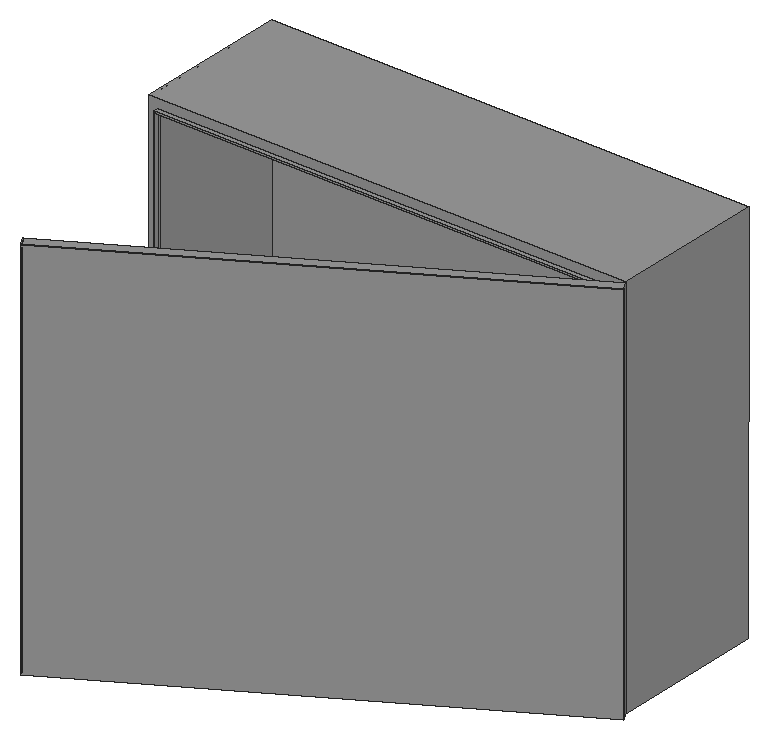
Revit family "Hager-Univers-IP55-D275-H650-Cl.I-Steel_encl-NoHosted-SE-en", category Equipement électrique, Revit 2020
Family settings
  Configuration du panneau = Deux colonnes, circuits au sein
  Cote de connecteur circulaire = Utiliser le diamètre
  Type d'élément = Tableau de raccordement
  Basée sur le plan de construction = Oui
  Toujours verticalement = Oui
  Couper avec des vides une fois chargée = Non
  Partagée = Non
  Point de calcul de pièce = Non
Parameters (values of type "Surface mounted (plaster) IP55 W800 H650 D275  - FR43E")
  Width Control [instance] = if([EF000008 - Width] > Min Width, [EF000008 - Width], Min Width)  # 800 mm
  Commentaires du type = [HG000003 - Range]  # "Univers"
  Thickness Door [instance] = if([EF009171 - Material plate thickness door/cover] > 3 mm, 3 mm, [EF009171 - Material plate thickness door/cover])  # 1.5 mm
  Seal Frame Offset [instance] = 17 mm  # constant formula
  Plinth Visibility [instance] = [HG000027 - Plinth height] > 0 mm  # no
  Min Width [instance] = 100 mm  # constant formula
  Min Depth [instance] = (2 * [EF009170 - Material plate thickness cabinet]) + 1 mm  # 4 mm
  Min Height [instance] = 100 mm  # constant formula
  Internal Frame Depth [instance] = (Door System Depth * 0.5)  # 9 mm
  Panel Name [instance] = ""  # (empty or 0)
  Model = ""
  HG000027 - Plinth height = 0 mm
  HG000026 - Floor standing = no
  HG000024 - Bottom section height = 600 mm
  HG000023 - Double section enclosure = no
  HG000016 - Door 3d visibility [instance] = yes
  HG000015 - Clearance visibility [instance] = no
  HG000014 - Door on the right [instance] = yes
  HG000013 - Door on the left [instance] = not([HG000014 - Door on the right])  # no
  HG000012 - Door swing angle [instance] = 30.00°
  HG000010 - Asymmetric doors = no
  HG000009 - Double swing door = no
  HG000006 - Flush mounted = no
  HG000004 - Manufacturer reference = "FR43E"
  HG000003 - Range = "Univers"
  HG000002 - With door or cover = yes
  Frame Offset Bottom [instance] = 10 mm  # constant formula
  Frame Offset [instance] = 15 mm  # constant formula
  EF015940 - Cover with overpressure release = no
  EF011959 - Degree of protection (NEMA) = ""
  EF009554 - Number of openings for flange plates = 6
  EF009212 - Cover model = "EV000116 - Closed"
  EF009171 - Material plate thickness door/cover = 1.5 mm
  EF009170 - Material plate thickness cabinet = 1.5 mm
  EF008873 - Nominal current (In) = 800 A
  EF007800 - Suitable for lightning protection = no
  EF006306 - With lock = no
  EF006244 - Transparent cover/door = no
  EF005474 - Degree of protection (IP) = "EV006420 - IP55"
  EF004464 - Type of door = "EV002646 - Single"
  EF004427 - Number of modules = 144
  EF004293 - Impact strength = "EV008784 - IK10"
  EF003532 - Suitable for outdoor use = no
  EF002950 - Width in number of modular spacings = 24
  EF001613 - Circuit integrity = "EV000494 - None"
  EF001596 - Material housing = "EV000179 - Steel"
  EF001131 - Internal depth = 275 mm
  EF001088 - Extension possible = yes
  EF000437 - Number of conduit inlets = 6
  EF000339 - Type of cover = "EV004216 - Door"
  EF000266 - Number of rows = 4
  EF000218 - Built-in depth = 0 mm
  EF000118 - With mounting plate = no
  EF000116 - RAL-number = "7035"
  EF000049 - Depth = 275 mm
  EF000040 - Height = 650 mm
  EF000008 - Width = 800 mm
  EF000007 - Colour = "EV000270 - Grey"
  EF000003 - Mounting method = "EV000384 - Surface mounted (plaster)"
  Door System Leaf Tolerance [instance] = 1.5 mm  # constant formula
  Door System Depth [instance] = 18 mm  # constant formula
  Door Height [instance] = Height Control - [HG000027 - Plinth height]  # 650 mm
  Description = ""
  Default Elevation = 1219.2 mm
  Connector Offset [instance] = Height Control / 2  # 325 mm
  Fabricant = "Hager"  # constant formula
  Height Control [instance] = if([EF000040 - Height] > Min Height, [EF000040 - Height], Min Height)  # 650 mm
  Depth Control [instance] = if([EF000049 - Depth] > Min Depth, [EF000049 - Depth], Min Depth)  # 275 mm
  Bottom Top Plate Trim [instance] = 1.5 mm  # constant formula
  Plinth height Ctrl [instance] = if([HG000027 - Plinth height] > 0 mm, [HG000027 - Plinth height], 12 mm)  # 12 mm
Types (5, lengths in mm): name | Width Control | HG000010 - Asymmetric doors | HG000009 - Double swing door | HG000004 - Manufacturer reference | EF009554 - Number of openings for flange plates | EF004464 - Type of door | EF004427 - Number of modules | EF000437 - Number of conduit inlets | EF000008 - Width
  Surface mounted (plaster) IP55 W1050 H650 D275  - FR44E | 1050 | no | yes | "FR44E" | 8 | "EV003602 - Double" | 192 | 8 | 1050
  Surface mounted (plaster) IP55 W1300 H650 D275  - FR45E | 1300 | yes | yes | "FR45E" | 10 | "EV003602 - Double" | 240 | 10 | 1300
  Surface mounted (plaster) IP55 W300 H650 D275  - FR41E | 300 | no | no | "FR41E" | 2 | "EV002646 - Single" | 48 | 2 | 300
  Surface mounted (plaster) IP55 W550 H650 D275  - FR42E | 550 | no | no | "FR42E" | 4 | "EV002646 - Single" | 96 | 4 | 550
  Surface mounted (plaster) IP55 W800 H650 D275  - FR43E | 800 | no | no | "FR43E" | 6 | "EV002646 - Single" | 144 | 6 | 800
Reference planes
  plane 1 "Center (Front/Back)": y = 0
  plane 2: z = 0
  plane 3 "Center (Left/Right)": x = 0
  plane 4: y = 0
  plane 5: y = 0
  plane 6: z = 0
  plane 7: x = -400
  plane 8: x = 400
  plane 9: x = 398.5
  plane 10: x = -398.5
  plane 11: z = 0
  plane 12: z = 1.5
  plane 13: y = -275
  plane 14: y = -1.5
  plane 15: x = 0
  plane 16: y = -257
  plane 17: y = -273.5
  plane 18: y = -255.5
  plane 19: x = -383.5
  plane 20: x = 383.5
  plane 21: z = 11.5
  plane 22: x = -383
  plane 23: x = 383
  plane 24: z = 0
  plane 25: z = 650
  plane 26: z = 650
  plane 27: z = 633.5
  plane 28: z = 648.5
Forms (mm)
  Extrusion 1, solid, material "Hager_Steel_RAL7035_Light_Grey", detail levels medium+fine
    sketch origin (-208.679, -4572, 0) x (-1, 0, 0) y (0, -1, 0)
      loop
        line (191.321, -4315) -> (-608.679, -4315) -> (-608.679, -4572) -> (191.321, -4572) -> (191.321, -4315)
    from 0 to 650
  Extrusion 2, void
    sketch origin (-350.771, -275, 1219.2) x (1, 0, 0) y (0, 0, 1)
      loop
        line (-47.729, -570.7) -> (-47.729, -1217.7) -> (749.271, -1217.7) -> (749.271, -570.7) -> (-47.729, -570.7)
    from -19.5 to -273.5
  Extrusion 3, void
    sketch origin (-290.084, -257, 1219.2) x (1, 0, 0) y (0, 0, 1)
      loop
        line (-93.416, -1207.7) -> (673.584, -1207.7) -> (673.584, -585.7) -> (-93.416, -585.7) -> (-93.416, -1207.7)
    from 0 to -1.5
  Extrusion 4, solid, material "Hager_Steel_RAL7035_Light_Grey", visible <- "Plinth Visibility", detail levels medium+fine
    sketch origin (0, 0, 0) x (1, 0, 0) y (0, 1, 0)
      loop
        line (-400, 0) -> (-400, -257) -> (400, -257) -> (400, 0) -> (-400, 0)
    from 0 to 12 <- "Plinth height Ctrl"
  Extrusion 5, solid, material "Hager_Steel_RAL7035_Light_Grey", detail levels coarse
    sketch origin (0, 0, 0) x (1, 0, 0) y (0, 1, 0)
      loop
        line (-400, 0) -> (-400, -275) -> (400, -275) -> (400, 0) -> (-400, 0)
    from 0 to 650 <- "Height Control"
  Sweep 6, void
    path in 3D
      loop
        line (-400, -257, 12) -> (400, -257, 12) -> (400, 0, 12) -> (-400, 0, 12) -> (-400, -257, 12)
    profile origin (-400, -128.5, 12) x (1, 0, 0) y (0, 0, 1)
      loop
        line (0, 0) -> (0, -1.5) -> (1.5, -1.5)
        arc (1.5, -1.5) -> (1.061, -0.439) -> (0, 0) r 1.5
  Extrusion 7, solid, material "Hager_Steel_RAL7035_Light_Grey", detail levels fine
    sketch origin (-400, -257, 0) x (1, 0, 0) y (0, 0, 1)
      loop
        line (16.5, 11.5) -> (783.5, 11.5) -> (783.5, 633.5) -> (16.5, 633.5) -> (16.5, 11.5)
      loop
        line (15, 10) -> (785, 10) -> (785, 635) -> (15, 635) -> (15, 10)
    from 0 to 9 <- "Internal Frame Depth"
Cuts and joins
  Extrusion 2, Extrusion 3 cuts Extrusion 1
  Sweep 6 cuts Extrusion 4
Lines and regions (mm)
  Masking region 1
    outline origin (0, 0, 0) x (1, 0, 0) y (0, 1, 0)
      loop
        line (-400, 0) -> (-400, -275) -> (400, -275) -> (400, 0) -> (-400, 0)
  Masking region 2, detail levels coarse
    outline origin (-290.084, -257, 1219.2) x (-1, 0, 0) y (0, 0, 1)
      loop
        line (-690.084, -1219.2) -> (109.916, -1219.2) -> (109.916, -569.2) -> (-690.084, -569.2) -> (-690.084, -1219.2)
  Masking region 3, detail levels coarse
    outline origin (0, 0, 0) x (0, 1, 0) y (0, 0, 1)
      loop
        line (0, 0) -> (0, 650) -> (-275, 650) -> (-275, 0) -> (0, 0)
  Masking region 4, visible <- "Plinth Visibility", detail levels medium+fine
    outline origin (0, 0, 0) x (0, 1, 0) y (0, 0, 1)
      loop
        line (-1.5, 12) -> (-255.5, 12)
        arc (-255.5, 12) -> (-255.939, 10.939) -> (-257, 10.5) r 1.5
        line (-257, 10.5) -> (-257, 0) -> (0, 0) -> (0, 10.5)
        arc (0, 10.5) -> (-1.061, 10.939) -> (-1.5, 12) r 1.5
  Masking region 5, detail levels medium+fine
    outline origin (0, 0, 594.038) x (0, 1, 0) y (0, 0, 1)
      loop
        line (0, -594.038) -> (0, 55.962) -> (-257, 55.962) -> (-257, -594.038) -> (0, -594.038)
  Masking region 6, detail levels medium+fine
    outline origin (-359.7, -257, 1211.883) x (-1, 0, 0) y (0, 0, 1)
      loop
        line (-759.7, -1211.883) -> (40.3, -1211.883) -> (40.3, -561.883) -> (-759.7, -561.883) -> (-759.7, -1211.883)
  Masking region 7, visible <- "Plinth Visibility", detail levels medium+fine
    outline origin (-320.334, -257, 1041.368) x (-1, 0, 0) y (0, 0, 1)
      loop
        line (-720.334, -1041.368) -> (79.666, -1041.368) -> (79.666, -1030.868)
        arc (79.666, -1030.868) -> (78.606, -1030.429) -> (78.166, -1029.368) r 1.5
        line (78.166, -1029.368) -> (-718.834, -1029.368)
        arc (-718.834, -1029.368) -> (-719.273, -1030.429) -> (-720.334, -1030.868) r 1.5
        line (-720.334, -1030.868) -> (-720.334, -1041.368)
  sketch lines
    curve 1: line (-400, 0, 12) -> (-400, -257, 12)
    curve 2: line (-400, -257, 12) -> (400, -257, 12)
    curve 3: line (400, 0, 12) -> (-400, 0, 12)
    curve 4: line (400, -257, 12) -> (400, 0, 12)
Dimensions and locks
  locked: plane 1 "Center (Front/Back)" to plane 5
  "EF009170 - Material plate thickness cabinet": plane 7 to plane 10
  "EF009170 - Material plate thickness cabinet": plane 8 to plane 9
  equal spacing: plane 7, plane 3 "Center (Left/Right)", plane 8
  "Width Control": plane 7 to plane 8
  "Depth Control": plane 4 to plane 13
  "EF009170 - Material plate thickness cabinet": plane 4 to plane 14
  "Height Control": plane 25 to level
  "HG000027 - Plinth height": plane 11 to level
  "EF009170 - Material plate thickness cabinet": plane 12 to plane 11
  "EF009170 - Material plate thickness cabinet": plane 17 to plane 13
  "EF009170 - Material plate thickness cabinet": plane 18 to plane 16
  "Frame Offset Bottom": plane 21 to plane 12
  "Frame Offset": plane 10 to plane 19
  "Frame Offset": plane 9 to plane 20
  "Door System Depth": plane 16 to plane 13
  "Seal Frame Offset": plane 7 to plane 22
  "Seal Frame Offset": plane 8 to plane 23
  "EF009170 - Material plate thickness cabinet": plane 26 to plane 28
  "Frame Offset": plane 28 to plane 27
  "Connector Offset": plane 2 to connector elem
  "Bottom Top Plate Trim": profile plane to Sweep 6 sketch curve
  "Bottom Top Plate Trim": Sweep 6 sketch curve to Sweep 6 sketch curve
  "Plinth height Ctrl": Masking region 4 sketch curve to level
  "Plinth height Ctrl": Masking region 7 sketch curve to level
  "Thickness Door": Extrusion 7 sketch curve to Extrusion 7 sketch curve  (x4)
  "Bottom Top Plate Trim": radius of Sweep 6 sketch curve
  "Bottom Top Plate Trim": radius of Masking region 4 sketch curve  (x2)
  "Bottom Top Plate Trim": radius of Masking region 7 sketch curve  (x2)
  aligned and locked: Extrusion 2 sketch curve to plane 12
  aligned and locked: Extrusion 2 sketch curve to plane 9
  aligned and locked: Extrusion 2 sketch curve to plane 10
  aligned and locked: Extrusion 2 to plane 14
  aligned and locked: Extrusion 1 sketch curve to plane 4
  aligned and locked: plane 8 to Extrusion 1 sketch curve
  aligned and locked: plane 7 to Extrusion 1 sketch curve
  aligned and locked: Extrusion 2 to plane 18
  aligned and locked: Extrusion 3 sketch curve to plane 19
  aligned and locked: plane 20 to Extrusion 3 sketch curve
  aligned and locked: Extrusion 3 to Extrusion 2
  aligned and locked: Extrusion 3 sketch curve to plane 21
  aligned and locked: plane 3 "Center (Left/Right)" to nested 1
  aligned and locked: Extrusion 1 sketch curve to plane 16
  aligned and locked: Extrusion 4 sketch curve to cut or joined group of Extrusion 1, Extrusion 2, Extrusion 3
  aligned and locked: Masking region 1 sketch curve to plane 7
  aligned and locked: Masking region 1 sketch curve to plane 5
  aligned and locked: Masking region 1 sketch curve to plane 8
  aligned and locked: Masking region 2 sketch curve to level
  aligned and locked: level to Masking region 3 sketch curve
  aligned and locked: plane 1 "Center (Front/Back)" to Masking region 3 sketch curve
  aligned and locked: plane 13 to Masking region 3 sketch curve
  aligned and locked: plane 5 to Masking region 4 sketch curve
  aligned and locked: Masking region 2 sketch curve to plane 8
  aligned and locked: Masking region 2 sketch curve to plane 7
  aligned and locked: plane 7 to nested 2
  aligned and locked: nested 2 to plane 5
  aligned and locked: plane 5 to Masking region 5 sketch curve
  aligned and locked: plane 26 to Masking region 5 sketch curve
  aligned and locked: Extrusion 5 sketch curve to plane 8
  aligned and locked: Extrusion 5 sketch curve to plane 7
  aligned and locked: Extrusion 5 sketch curve to plane 5
  aligned and locked: Extrusion 3 sketch curve to plane 27
  aligned and locked: Extrusion 2 sketch curve to plane 28
  aligned and locked: Masking region 2 to plane 25
  aligned and locked: Extrusion 4 to plane 16
  aligned and locked: profile plane to Sweep 6 sketch curve
  aligned and locked: Masking region 5 sketch curve to plane 24
  aligned and locked: level to Masking region 4 sketch curve
  aligned and locked: Masking region 1 to plane 13
  aligned and locked: nested 1 to plane 16
  aligned and locked: Masking region 3 to plane 25
  aligned and locked: plane 16 to Masking region 4 sketch curve
  aligned and locked: Masking region 5 sketch curve to plane 16
  aligned and locked: plane 24 to plane 11
  aligned and locked: plane 26 to plane 25
  aligned and locked: plane 26 to cut or joined group of Extrusion 1, Extrusion 2, Extrusion 3
  aligned and locked: nested 1 to plane 24
  aligned and locked: Extrusion 1 to Extrusion 3
  aligned and locked: Masking region 6 sketch curve to plane 8
  aligned and locked: Masking region 6 sketch curve to plane 24
  aligned and locked: Masking region 6 sketch curve to plane 7
  aligned and locked: Masking region 6 sketch curve to plane 26
  aligned and locked: Masking region 7 sketch curve to plane 7
  aligned and locked: level to Masking region 7 sketch curve
  aligned and locked: Masking region 7 sketch curve to plane 8
  aligned and locked: Extrusion 7 sketch curve to cut or joined group of Extrusion 1, Extrusion 2, Extrusion 3  (x4)
Automatic sketch dimensions
  plane 19 to Extrusion 3 sketch curve = 0 mm
  Extrusion 3 sketch curve to plane 20 = 0 mm
  Extrusion 3 sketch curve to plane 21 = 0 mm
  Extrusion 4 sketch curve to plane 7 = 0 mm
  Extrusion 4 sketch curve to plane 8 = 0 mm
  Extrusion 4 sketch curve to plane 16 = 0 mm
  Masking region 1 sketch curve to plane 13 = 0 mm
  Masking region 2 sketch curve to plane 25 = 0 mm
  Masking region 3 sketch curve to plane 25 = 0 mm
  Extrusion 5 sketch curve to plane 13 = 0 mm
  profile plane to Sweep 6 sketch curve = 0 mm
Nested families
  nested 1: "EC000058_Univers_Door" at (0, -257, 0), Double <- "HG000009 - Double swing door", Transparent <- "EF006244 - Transparent cover/door", Angle <- "HG000012 - Door swing angle", Door_Right <- "HG000014 - Door on the right", Assymetrical <- "HG000010 - Asymmetric doors", Door <- "HG000002 - With door or cover", Width_Ctrl <- "Width Control", 3d_Door <- "HG000016 - Door 3d visibility", Clearance <- "HG000015 - Clearance visibility", Door_Left <- "HG000013 - Door on the left", Width <- "Width Control", Door_Depth <- "Door System Depth", Leaf_Tolerance <- "Door System Leaf Tolerance", Height <- "Door Height", Lock_Visibility <- "EF006306 - With lock", Thickness <- "Thickness Door", type "EC000058_Univers_Door", detail levels medium+fine
    with min_wh 4 mm, Width_Ctrl 800 mm, Width 800 mm, Transparent no, Thickness 1.5 mm, Seal_Material Hager_Rubber, Lock_Visibility no, Lock_Material Hager_Plastic_RAL9005_Jet_Black, Leaf_Width 800 mm, Leaf_Tolerance_External_Sides 0 mm, Leaf_Tolerance 1.5 mm, Leaf_Offset 0 mm, Leaf_Height 647 mm, Leaf_2_Width 800 mm, Leaf_2_Offset 400 mm, Leaf_1_Width 800 mm, Leaf_1_Offset 400 mm, Height_Ctrl 650 mm, Height 650 mm, Glass_Material Hager_Glass, Double_Clearance_Ctrl no, Double no, Door_Right_Ctrl yes, Door_Right yes, Door_Material Hager_Steel_RAL7035_Light_Grey, Door_Left_Ctrl no, Door_Left no, Door_Depth 18 mm, Door yes, Clearance_Material Hager_Clearance, Clearance_Depth 800 mm, Clearance_Ctrl no, Clearance no, Assymetrical no, Angle 30.00°, 3d_Door yes
  nested 2: "Hager_Enclosure_Symbol" at (-400, 0, 0), Height <- "Depth Control", Width <- "Width Control", type "Hager_Enclosure_Symbol"
    with Width_Ctrl 800 mm, Width 800 mm, Height_Ctrl 275 mm, Height 275 mm, A_Width_Int 18.047 mm, A_Width 216.562 mm, A_Height_Ctrl 240.625 mm, A_Height 240.625 mm
Connectors
  electrical at (0, 0, 325)
    settings: on plane 1 "Center (Front/Back)", index 1, voltage 0 V, apparent load 0 VA, apparent load phase1 0 VA, apparent load phase2 0 VA, apparent load phase3 0 VA, power factor 1, load classification "Other", number of poles 1, system type 30, power factor state 1, is connector primary yes, connector utility no, sub classification motor no, connector description ""
Definition of nested family "EC000058_Univers_Door"
  Parameters (values of type "EC000058_Univers_Door")
    min_wh [instance] = (2 * Thickness) + 1 mm  # 11 mm
    Width_Ctrl [instance] = 400 mm
    Width [instance] = 500 mm
    Transparent [instance] = yes
    Thickness [instance] = 5 mm
    Seal_Material [instance] = none
    Lock_Visibility [instance] = yes
    Lock_Material [instance] = none
    Leaf_Width [instance] = if((Width_Ctrl - 2 * Leaf_Tolerance_External_Sides) > 0 mm, (Width_Ctrl - 2 * Leaf_Tolerance_External_Sides), min_wh)  # 400 mm
    Leaf_Tolerance_External_Sides [instance] = 0 mm  # constant formula
    Leaf_Tolerance [instance] = 1.5 mm
    Leaf_Offset [instance] = 0 mm  # constant formula
    Leaf_Height [instance] = if((Height_Ctrl - 2 * Leaf_Tolerance) > 0 mm, (Height_Ctrl - 2 * Leaf_Tolerance), min_wh)  # 497 mm
    Leaf_2_Width [instance] = if(and(and(Double, Assymetrical), Door_Left), (Leaf_Width / 3) - (Leaf_Tolerance / 2), if(and(and(Double, Assymetrical), Door_Right), (Leaf_Width / 3) * 2 - (Leaf_Tolerance / 2), if(and(Double, not(Assymetrical)), (Leaf_Width / 2) - Leaf_Tolerance, Leaf_Width)))  # 400 mm
    Leaf_2_Offset [instance] = if(and(Double, Assymetrical), Leaf_2_Width / 2, if(and(Double, not(Assymetrical)), Leaf_Width / 4, Leaf_Width / 2))  # 200 mm
    Leaf_1_Width [instance] = if(and(and(Double, Assymetrical), Door_Right), (Leaf_Width / 3) - (Leaf_Tolerance / 2), if(and(and(Double, Assymetrical), Door_Left), (Width / 3) * 2 - (Leaf_Tolerance / 2), if(and(Double, not(Assymetrical)), (Leaf_Width / 2) - Leaf_Tolerance, Leaf_Width)))  # 400 mm
    Leaf_1_Offset [instance] = if(and(Double, Assymetrical), Leaf_1_Width / 2, if(and(Double, not(Assymetrical)), Leaf_Width / 4, Leaf_Width / 2))  # 200 mm
    Height_Ctrl [instance] = if(Height > min_wh, Height, min_wh)  # 500 mm
    Height [instance] = 500 mm
    Glass_Material [instance] = none
    Double_Clearance_Ctrl [instance] = and(Double, Clearance)  # no
    Double [instance] = no
    Door_Right_Ctrl [instance] = and(or(Door_Right, Double), Door)  # yes
    Door_Right [instance] = yes
    Door_Material [instance] = none
    Door_Left_Ctrl [instance] = and(or(Door_Left, Double), Door)  # no
    Door_Left [instance] = no
    Door_Depth [instance] = 30 mm
    Door [instance] = yes
    Default Elevation = 1219.2 mm
    Clearance_Material [instance] = none
    Clearance_Depth [instance] = if(Leaf_1_Width > Leaf_2_Width, Leaf_1_Width, Leaf_2_Width)  # 400 mm
    Clearance_Ctrl [instance] = and(not(Double), Clearance)  # yes
    Clearance [instance] = yes
    Assymetrical [instance] = yes
    Angle [instance] = 30.00°
    3d_Door [instance] = yes
  Reference planes
    plane 1 "Center (Front/Back)": y = 0
    plane 2 "Bottom": z = 0
    plane 3 "Center (Left/Right)": x = 0
    plane 4: z = 500
    plane 5: x = -200
    plane 6: x = 200
    plane 7: z = 500
    plane 8: x = -200
    plane 9: z = 0
    plane 10: x = 200
    plane 11: y = 0
    plane 12: z = 1.5
    plane 13: x = -600
    plane 14: y = -400
    plane 15: x = 600
    plane 16: x = 0
    plane 17: x = 0
    plane 18: x = -200
    plane 19: x = 200
    plane 20: z = 498.5
  Forms (mm)
    Extrusion 1, solid, material <- "Clearance_Material", visible <- "Double_Clearance_Ctrl"
      sketch origin (1200, 0, 0) x (1, 0, 0) y (0, 0, -1)
        loop
          line (-1800, -498.5) -> (-600, -498.5) -> (-600, 0) -> (-1800, 0) -> (-1800, -498.5)
      from 0 to -400
  Dimensions and locks
    equal spacing: plane 5, plane 3 "Center (Left/Right)", plane 6
    "Width_Ctrl": plane 5 to plane 6
    "Leaf_Offset": plane 5 to plane 8
    "Leaf_Offset": plane 6 to plane 10
    "Leaf_Offset": plane 9 to level
    "Leaf_Offset": plane 4 to plane 7
    "Height_Ctrl": plane 4 to level
    "Leaf_Tolerance": plane 12 to plane 9
    locked: plane 11 to plane 1 "Center (Front/Back)"
    "Leaf_1_Offset": plane 18 to plane 16
    "Leaf_2_Offset": plane 17 to plane 19
    "Leaf_1_Width": plane 13 to plane 8
    "Leaf_2_Width": plane 10 to plane 15
    "Clearance_Depth": plane 14 to plane 1 "Center (Front/Back)"
    "Leaf_Tolerance_External_Sides": plane 8 to plane 18
    "Leaf_Tolerance_External_Sides": plane 19 to plane 10
    "Leaf_Tolerance": plane 7 to plane 20
    aligned and locked: level to plane 2 "Bottom"
    aligned and locked: nested 1 to plane 16
    aligned and locked: nested 2 to plane 17
    aligned and locked: Extrusion 1 to plane 13
    aligned and locked: plane 15 to Extrusion 1
    aligned and locked: Extrusion 1 to plane 14
    aligned and locked: plane 12 to nested 1
    aligned and locked: nested 2 to plane 12
    aligned and locked: Extrusion 1 to plane 11
    aligned and locked: plane 20 to Extrusion 1
    aligned and locked: nested 2 to plane 11
    aligned and locked: nested 1 to plane 11
  Automatic sketch dimensions
    Extrusion 1 sketch curve to level = 0 mm
    plane 5 to Extrusion 1 sketch curve = 400 mm
    plane 6 to Extrusion 1 sketch curve = 400 mm
    Extrusion 1 sketch curve to plane 4 = 1.5 mm
  Nested families
    nested 1: "EC000058_Univers_Door_Leaf" at (0, 0, 1.5), Width <- "Leaf_1_Width", visible <- "Door_Left_Ctrl", Leaf_Height <- "Leaf_Height", Angle <- "Angle", 3d_Door <- "3d_Door", Transparent <- "Transparent", Clearance Material <- "Clearance_Material", Clearance <- "Clearance_Ctrl", Door_Material <- "Door_Material", Glass_Material <- "Glass_Material", Door_Depth <- "Door_Depth", Lock_Material <- "Lock_Material", Seal_Material <- "Seal_Material", Lock_Visibility <- "Lock_Visibility", Thickness <- "Thickness", type "EC000058_Univers_Door_Leaf"
      with Width 400 mm, Transparent_Glass_Offset 30 mm, Transparent_Ctrl yes, Transparent yes, Thickness 5 mm, Standard no, Seal_Material none, Seal_D2 8 mm, Seal_D1 1 mm, Offset_Internal_Frame 10 mm, Lock_Width 20 mm, Lock_Visibility_3d yes, Lock_Visibility yes, Lock_Thickness_3 3 mm, Lock_Thickness_2 1 mm, Lock_Thickness_1 3 mm, Lock_Radius_Offset_2 16 mm, Lock_Radius_Offset_1 15 mm, Lock_Radius_2 5 mm, Lock_Radius 6 mm, Lock_Offset 5 mm, Lock_Material none, Lock_Height 80 mm, Lock_Cover_Top_Offset_2d 17 mm, Lock_Cover_Height -65 mm, Leaf_Height 497 mm, Internal_Seal_Thickness 8 mm, Internal_Seal_Depth_2 4.5 mm, Internal_Frame_Depth 25 mm, Glass_Thickness -1 mm, Glass_Offset -2 mm, Glass_Material none, Door_Material none, Door_Depth 30 mm, Clearance Material none, Clearance yes, Angle_Ctrl 30.00°, Angle 30.00°, 3d_Door yes
    nested 2: "EC000058_Univers_Door_Leaf" at (0, 0, 1.5) x (-1, 0, 0) z (0, 0, 1), Width <- "Leaf_2_Width", visible <- "Door_Right_Ctrl", Leaf_Height <- "Leaf_Height", Angle <- "Angle", 3d_Door <- "3d_Door", Transparent <- "Transparent", Clearance Material <- "Clearance_Material", Clearance <- "Clearance_Ctrl", Door_Material <- "Door_Material", Glass_Material <- "Glass_Material", Door_Depth <- "Door_Depth", Lock_Material <- "Lock_Material", Seal_Material <- "Seal_Material", Lock_Visibility <- "Lock_Visibility", Thickness <- "Thickness", type "EC000058_Univers_Door_Leaf"
      with Width 400 mm, Transparent_Glass_Offset 30 mm, Transparent_Ctrl yes, Transparent yes, Thickness 5 mm, Standard no, Seal_Material none, Seal_D2 8 mm, Seal_D1 1 mm, Offset_Internal_Frame 10 mm, Lock_Width 20 mm, Lock_Visibility_3d yes, Lock_Visibility yes, Lock_Thickness_3 3 mm, Lock_Thickness_2 1 mm, Lock_Thickness_1 3 mm, Lock_Radius_Offset_2 16 mm, Lock_Radius_Offset_1 15 mm, Lock_Radius_2 5 mm, Lock_Radius 6 mm, Lock_Offset 5 mm, Lock_Material none, Lock_Height 80 mm, Lock_Cover_Top_Offset_2d 17 mm, Lock_Cover_Height -65 mm, Leaf_Height 497 mm, Internal_Seal_Thickness 8 mm, Internal_Seal_Depth_2 4.5 mm, Internal_Frame_Depth 25 mm, Glass_Thickness -1 mm, Glass_Offset -2 mm, Glass_Material none, Door_Material none, Door_Depth 30 mm, Clearance Material none, Clearance yes, Angle_Ctrl 30.00°, Angle 30.00°, 3d_Door yes
  Definition of nested family "EC000058_Univers_Door_Leaf"
    Parameters (values of type "EC000058_Univers_Door_Leaf")
      Width [instance] = 2000 mm
      Transparent_Glass_Offset [instance] = 30 mm
      Transparent_Ctrl [instance] = and(Transparent, [3d_Door])  # yes
      Transparent [instance] = yes
      Thickness [instance] = 5 mm
      Standard [instance] = and(not(Transparent), [3d_Door])  # no
      Seal_Material [instance] = none
      Seal_D2 [instance] = 8 mm  # constant formula
      Seal_D1 [instance] = 1 mm  # constant formula
      Offset_Internal_Frame [instance] = 10 mm  # constant formula
      Lock_Width [instance] = 20 mm  # constant formula
      Lock_Visibility_3d [instance] = and(Lock_Visibility, [3d_Door])  # yes
      Lock_Visibility [instance] = yes
      Lock_Thickness_3 [instance] = 3 mm  # constant formula
      Lock_Thickness_2 [instance] = 1 mm  # constant formula
      Lock_Thickness_1 [instance] = 3 mm  # constant formula
      Lock_Radius_Offset_2 [instance] = Lock_Radius_Offset_1 + 1 mm  # 16 mm
      Lock_Radius_Offset_1 [instance] = 15 mm  # constant formula
      Lock_Radius_2 [instance] = Lock_Radius - 1 mm  # 5 mm
      Lock_Radius [instance] = 6 mm  # constant formula
      Lock_Offset [instance] = 5 mm  # constant formula
      Lock_Material [instance] = none
      Lock_Height [instance] = 80 mm  # constant formula
      Lock_Cover_Top_Offset_2d [instance] = Lock_Radius_Offset_2 + 1 mm  # 17 mm
      Lock_Cover_Height [instance] = -(Lock_Height - Lock_Radius_Offset_1)  # -65 mm
      Leaf_Height [instance] = 2720.336 mm
      Internal_Seal_Thickness [instance] = 8 mm  # constant formula
      Internal_Seal_Depth_2 [instance] = 4.5 mm  # constant formula
      Internal_Frame_Depth [instance] = if(Door_Depth - Thickness > 5 mm, Door_Depth - Thickness, 5 mm)  # 25 mm
      Glass_Thickness [instance] = if(Thickness > 15 mm, Glass_Offset + 10 mm, -1 mm)  # -1 mm
      Glass_Offset [instance] = if(Thickness > 15 mm, -(Thickness + 10 mm) / 2, -2 mm)  # -2 mm
      Glass_Material [instance] = none
      Door_Material [instance] = none
      Door_Depth [instance] = 30 mm
      Default Elevation = 0 mm
      Clearance Material [instance] = none
      Clearance [instance] = yes
      Angle_Ctrl [instance] = if(Angle > 180.00°, 180.00°, Angle)  # 90.00°
      Angle [instance] = 90.00°
      3d_Door [instance] = yes
    Reference planes
      plane 1 "Center (Front/Back)": y = 0
      plane 2: z = 0
      plane 3 "Center (Left/Right)": x = 0
      plane 4: y = 2000
      plane 5: x = -1000
      plane 6: x = 1000
      plane 7: x = -3000
      plane 8: z = 2720.336
      plane 9: z = 30
      plane 10: z = 2690.336
      plane 11: x = 970
      plane 12: x = -970
      plane 13: y = -3
      plane 14: z = 107.833
      plane 15: y = -5
      plane 16: y = -223.314
      plane 17: x = -1000
      plane 18: z = 1360.168
      plane 19: y = 30
    Forms (mm)
      Extrusion 1, solid, material <- "Clearance Material", visible <- "Clearance"
        sketch origin (0, 0, 0) x (1, 0, 0) y (0, 0, 1)
          loop
            line (-3000, 2720.336) -> (-3000, 0) -> (1000, 0) -> (1000, 2720.336) -> (-3000, 2720.336)
        from 0 to -2000
      Extrusion 2, solid, material <- "Door_Material", visible <- "Standard", detail levels medium+fine
        sketch origin (-1000, 0, 0) x (0, 1, 0) y (-1, 0, 0)
          loop
            line (0, 30) -> (0, 25) -> (2000, 25) -> (2000, 30) -> (0, 30)
        from 0 to 2720.336 <- "Leaf_Height"
      Extrusion 3, solid, material <- "Door_Material", visible <- "Transparent_Ctrl", detail levels medium+fine
        sketch origin (-1000, 0, 0) x (0, 1, 0) y (-1, 0, 0)
          loop
            line (0, 25) -> (2000, 25) -> (2000, 30) -> (0, 30) -> (0, 25)
        from 0 to 2720.336 <- "Leaf_Height"
      Extrusion 4, void
        sketch origin (-1025, 2000, 0) x (0, 1, 0) y (0, 0, -1)
          loop
            line (-30, -2690.336) -> (-30, -30) -> (-1970, -30) -> (-1970, -2690.336) -> (-30, -2690.336)
        from 0 to 5 <- "Thickness"
      Sweep 5, solid, material <- "Seal_Material", visible <- "Transparent_Ctrl", detail levels fine
        path in 3D
          loop
            line (-1025, 30, 30) -> (-1025, 30, 2690.336) -> (-1025, 1970, 2690.336) -> (-1025, 1970, 30) -> (-1025, 30, 30)
        profile origin (-1025, 1000, 30) x (1, 0, 0) y (0, 0, 1)
          loop
            line (0, 0) -> (0, -8) -> (1, -8) -> (1, 0) -> (0, 0)
      Extrusion 6, solid, material <- "Glass_Material", visible <- "Transparent_Ctrl", detail levels medium+fine
        sketch origin (-1030, 0, 0) x (0, 1, 0) y (0, 0, -1)
          loop
            line (1970, -2690.336) -> (1970, -30) -> (30, -30) -> (30, -2690.336) -> (1970, -2690.336)
        from -2 <- "Glass_Offset" to -1 <- "Glass_Thickness"
      Extrusion 7, solid, material <- "Door_Material", visible <- "3d_Door", detail levels medium+fine
        sketch origin (-1025, 2000, 0) x (0, -1, 0) y (0, 0, -1)
          loop
            line (0, -2720.336) -> (2000, -2720.336) -> (2000, 0) -> (0, 0) -> (0, -2720.336)
          loop
            line (1995, -5) -> (5, -5) -> (5, -2715.336) -> (1995, -2715.336) -> (1995, -5)
        from 0 to 25 <- "Internal_Frame_Depth"
      Sweep 8, solid, material <- "Seal_Material", visible <- "Transparent_Ctrl", detail levels fine
        path in 3D
          loop
            line (-1025, 0, 0) -> (-1025, 2000, 0) -> (-1025, 2000, 2720.336) -> (-1025, 0, 2720.336) -> (-1025, 0, 0)
        profile origin (-1025, 0, 1360.168) x (1, 0, 0) y (0, 1, 0)
          loop
            line (0, 10) -> (2.975, 10)
            arc (2.975, 10) -> (4.053, 10.447) -> (4.5, 11.525) r 1.525
            line (4.5, 11.525) -> (4.5, 16.527)
            arc (4.5, 16.527) -> (4.069, 17.569) -> (3.027, 18) r 1.473
            line (3.027, 18) -> (0, 18) -> (0, 10)
      Extrusion 9, solid, material <- "Lock_Material", visible <- "Lock_Visibility_3d", detail levels fine
        sketch origin (-1030, 0, 0) x (0, 1, 0) y (0, 0, -1)
          loop
            arc (1993.5, -1400.168) -> (1994.561, -1399.729) -> (1995, -1398.668) r 1.5
            line (1995, -1398.668) -> (1995, -1320.168) -> (1975, -1320.168) -> (1975, -1398.668)
            arc (1975, -1398.668) -> (1975.439, -1399.729) -> (1976.5, -1400.168) r 1.5
            line (1976.5, -1400.168) -> (1993.5, -1400.168)
        from 3 <- "Lock_Thickness_1" to 0
      Blend 10, solid, material <- "Lock_Material", visible <- "Lock_Visibility_3d", detail levels fine
        base sketch origin (-1033, 0, 0) x (0, 1, 0) y (0, 0, -1)
          loop
            line (1975, -1320.168) -> (1975, -1398.668)
            arc (1975, -1398.668) -> (1975.439, -1399.729) -> (1976.5, -1400.168) r 1.5
            line (1976.5, -1400.168) -> (1993.5, -1400.168)
            arc (1993.5, -1400.168) -> (1994.561, -1399.729) -> (1995, -1398.668) r 1.5
            line (1995, -1398.668) -> (1995, -1320.168) -> (1975, -1320.168)
        top sketch origin (-1033, 0, 0) x (0, 1, 0) y (0, 0, -1)
          loop
            line (1976, -1320.168) -> (1976, -1398.668)
            arc (1976, -1398.668) -> (1976.146, -1399.022) -> (1976.5, -1399.168) r 0.5
            line (1976.5, -1399.168) -> (1993.5, -1399.168)
            arc (1993.5, -1399.168) -> (1993.854, -1399.022) -> (1994, -1398.668) r 0.5
            line (1994, -1398.668) -> (1994, -1320.168) -> (1976, -1320.168)
        from 0 to 1 <- "Lock_Thickness_2"
      Blend 11, solid, material <- "Lock_Material", visible <- "Lock_Visibility_3d", detail levels fine
        base sketch origin (-1034, 0, 0) x (0, 1, 0) y (0, 0, -1)
          loop
            line (1978, -1320.168) -> (1978, -1384.168)
            arc (1978, -1384.168) -> (1985, -1391.168) -> (1992, -1384.168) r 7
            line (1992, -1384.168) -> (1992, -1320.168) -> (1978, -1320.168)
        top sketch origin (-1034, 0, 0) x (0, 1, 0) y (0, 0, -1)
          loop
            line (1991, -1320.168) -> (1979, -1320.168) -> (1979, -1383.168)
            arc (1979, -1383.168) -> (1985, -1389.168) -> (1991, -1383.168) r 6
            line (1991, -1383.168) -> (1991, -1320.168)
        from 0 to 3 <- "Lock_Thickness_3"
      Extrusion 12, solid, material <- "Lock_Material", visible <- "Lock_Visibility_3d", detail levels fine
        sketch origin (-1030, 1975, 1320.168) x (1, 0, 0) y (0, -1, 0)
          loop
            line (-7, -19) -> (-7, -1) -> (0, -1) -> (0, 0) -> (-8, 0) -> (-8, -20) -> (0, -20) -> (0, -19) -> (-7, -19)
        from 0 to -65 <- "Lock_Cover_Height"
      Extrusion 13, void
        sketch origin (-1038, 1995, 1320.168) x (-1, 0, 0) y (0, 0, -1)
          loop
            line (-5, -65) -> (0, -65) -> (-5, -60) -> (-5, -65)
        from 0 to 20 <- "Lock_Width"
      Extrusion 14, void
        sketch origin (-1038, 1975, 1320.168) x (0, -1, 0) y (0, 0, -1)
          loop
            circle (-10, -15.995) r 6
          loop
            circle (-10, -15.995) r 5
        from 0 to 2
      Extrusion 15, solid, material <- "Lock_Material", visible <- "Lock_Visibility_3d", detail levels medium
        sketch origin (-1030, 0, 0) x (0, 1, 0) y (0, 0, -1)
          loop
            arc (1993.5, -1400.168) -> (1994.561, -1399.729) -> (1995, -1398.668) r 1.5
            line (1995, -1398.668) -> (1995, -1320.168) -> (1975, -1320.168) -> (1975, -1398.668)
            arc (1975, -1398.668) -> (1975.439, -1399.729) -> (1976.5, -1400.168) r 1.5
            line (1976.5, -1400.168) -> (1993.5, -1400.168)
        from 8 to 0
    Cuts and joins
      Extrusion 4 cuts Extrusion 3
      Extrusion 13, Extrusion 14 cuts Extrusion 9
      Extrusion 14 cuts Blend 11
      Extrusion 13, Extrusion 14 cuts Extrusion 12
      joined: Extrusion 9, Blend 10, Blend 11, Extrusion 12
      Extrusion 14 cuts Extrusion 15
    Lines and regions (mm)
      Masking region 1, visible <- "Lock_Visibility", detail levels fine
        outline origin (0, 0, 0) x (0, 1, 0) y (0, 0, 1)
          loop
            line (30, 1320.168) -> (33, 1320.168) -> (33, 1400.168) -> (30, 1400.168) -> (30, 1320.168)
      Masking region 2, visible <- "Lock_Visibility", detail levels fine
        outline origin (0, 3.143, 0) x (0, 1, 0) y (0, 0, 1)
          loop
            line (29.857, 1354.168) -> (30.857, 1354.168) -> (30.857, 1366.168) -> (29.857, 1366.168) -> (29.857, 1354.168)
      Masking region 3, detail levels medium+fine
        outline origin (0, 0, 0) x (0, 1, 0) y (0, 0, 1)
          loop
            line (0, 0) -> (30, 0) -> (30, 2720.336) -> (0, 2720.336) -> (0, 0)
      Masking region 4, detail levels medium+fine
        outline origin (0, 0, 0) x (1, 0, 0) y (0, 0, 1)
          loop
            line (-1000, 2720.336) -> (-1000, 0) -> (1000, 0) -> (1000, 2720.336) -> (-1000, 2720.336)
      Masking region 5, visible <- "Lock_Visibility", detail levels fine
        outline origin (-47.116, 0, 0) x (1, 0, 0) y (0, 0, 1)
          loop
            arc (1024.616, 1399.168) -> (1023.556, 1398.729) -> (1023.116, 1397.668) r 1.5
            line (1023.116, 1397.668) -> (1023.116, 1320.168) -> (1041.116, 1320.168) -> (1041.116, 1397.668)
            arc (1041.116, 1397.668) -> (1040.677, 1398.729) -> (1039.616, 1399.168) r 1.5
            line (1039.616, 1399.168) -> (1024.616, 1399.168)
      Masking region 6, visible <- "Lock_Visibility", detail levels medium+fine
        outline origin (-25, 0, 0) x (1, 0, 0) y (0, 0, 1)
          loop
            arc (1001.5, 1400.168) -> (1000.439, 1399.729) -> (1000, 1398.668) r 1.5
            line (1000, 1398.668) -> (1000, 1320.168) -> (1020, 1320.168) -> (1020, 1398.668)
            arc (1020, 1398.668) -> (1019.561, 1399.729) -> (1018.5, 1400.168) r 1.5
            line (1018.5, 1400.168) -> (1001.5, 1400.168)
      Masking region 7, visible <- "Lock_Visibility", detail levels fine
        outline origin (-73.735, 0, 0) x (1, 0, 0) y (0, 0, 1)
          loop
            line (1051.735, 1382.168) -> (1065.735, 1382.168) -> (1065.735, 1384.168)
            arc (1065.735, 1384.168) -> (1058.735, 1391.168) -> (1051.735, 1384.168) r 7
            line (1051.735, 1384.168) -> (1051.735, 1382.168)
      Masking region 8, visible <- "Lock_Visibility", detail levels fine
        outline origin (-73.735, 0, 0) x (1, 0, 0) y (0, 0, 1)
          loop
            line (1052.735, 1382.168) -> (1064.735, 1382.168) -> (1064.735, 1383.168)
            arc (1064.735, 1383.168) -> (1058.735, 1389.168) -> (1052.735, 1383.168) r 6
            line (1052.735, 1383.168) -> (1052.735, 1382.168)
      Masking region 9, visible <- "Lock_Visibility", detail levels fine
        outline origin (-25, 0, 0) x (1, 0, 0) y (0, 0, 1)
          loop
            line (1020, 1320.168) -> (1020, 1382.168) -> (1000, 1382.168) -> (1000, 1320.168) -> (1020, 1320.168)
      Masking region 10, detail levels medium+fine
        outline origin (0, 0, 0) x (1, 0, 0) y (0, 0, 1)
          loop
            circle (985, 1335.144) r 6
      Masking region 11, detail levels fine
        outline origin (0, 0, 0) x (1, 0, 0) y (0, 0, 1)
          loop
            circle (985, 1335.144) r 5
      Masking region 12, visible <- "Lock_Visibility", detail levels fine
        outline origin (0, 12.767, 0) x (0, 1, 0) y (0, 0, 1)
          loop
            line (20.233, 1320.168) -> (21.233, 1320.168) -> (21.233, 1399.168) -> (20.233, 1400.168) -> (20.233, 1320.168)
      Masking region 13, visible <- "Lock_Visibility", detail levels fine
        outline origin (0, 13.767, -10) x (0, 1, 0) y (0, 0, 1)
          loop
            line (20.233, 1330.168) -> (23.233, 1330.168) -> (23.233, 1399.168) -> (20.233, 1402.168) -> (20.233, 1330.168)
      Masking region 14, visible <- "Lock_Visibility", detail levels fine
        outline origin (0, 12.767, -10) x (0, 1, 0) y (0, 0, 1)
          loop
            line (20.233, 1330.168) -> (25.233, 1330.168) -> (25.233, 1399.305) -> (20.233, 1394.305) -> (20.233, 1330.168)
      Masking region 15, visible <- "Lock_Visibility", detail levels medium
        outline origin (0, 0, 0) x (0, 1, 0) y (0, 0, 1)
          loop
            line (30, 1320.168) -> (38, 1320.168) -> (38, 1400.168) -> (30, 1400.168) -> (30, 1320.168)
      Masking region 16, visible <- "Lock_Visibility", detail levels fine
        outline origin (-1000, 0, 0) x (0, 1, 0) y (-1, 0, 0)
          loop
            line (1975, 30) -> (1995, 30) -> (1995, 38) -> (1975, 38) -> (1975, 30)
          loop
            line (1979, 37) -> (1976, 37) -> (1976, 34) -> (1978, 34) -> (1979, 37)
          loop
            line (1994, 37) -> (1991, 37) -> (1992, 34) -> (1994, 34) -> (1994, 37)
      Masking region 17, visible <- "Lock_Visibility", detail levels medium
        outline origin (-1000, 0, 0) x (0, 1, 0) y (-1, 0, 0)
          loop
            line (1975, 30) -> (1995, 30) -> (1995, 38) -> (1975, 38) -> (1975, 30)
      symbolic lines
        curve 1: line (1000, 0, 0) -> (-3000, 0, 0)
        curve 2: arc (1000, 0, 0) -> (-1000, 2000, 0) -> (-3000, 0, 0) r 2000
        curve 4: line (-1030, 0, 0) -> (-1030, 2000, 0)
      reference lines
        curve 3: line (-1000, 0, 0) -> (-1000, 2000, 0)
      symbolic lines, detail levels medium+fine
        curve 5: line (-1030, 2000, 0) -> (-1025, 2000, 0)
        curve 7: line (-1025, 0, 0) -> (-1030, 0, 0)
        curve 8: line (-1025, 0, 0) -> (-1000, 0, 0)
        curve 9: line (-1000, 0, 0) -> (-1000, 2000, 0)
        curve 10: line (-1000, 2000, 0) -> (-1025, 2000, 0)
      symbolic lines, detail levels fine
        curve 6: line (-1025, 2000, 0) -> (-1025, 0, 0)
      sketch lines
        curve 11: line (-1025, 0, 2720.336) -> (-1025, 0, 0)
        curve 12: line (-1025, 2000, 0) -> (-1025, 0, 0)
        curve 13: line (-1025, 2000, 2720.336) -> (-1025, 2000, 0)
        curve 14: line (-1025, 0, 2720.336) -> (-1025, 2000, 2720.336)
        curve 15: line (-1025, 1970, 30) -> (-1025, 30, 30)
        curve 16: line (-1025, 30, 30) -> (-1025, 30, 2690.336)
        curve 17: line (-1025, 1970, 2690.336) -> (-1025, 1970, 30)
        curve 18: line (-1025, 30, 2690.336) -> (-1025, 1970, 2690.336)
      symbolic lines, visible <- "Transparent", detail levels medium+fine
        curve 19: line (-970, 0, 2690.336) -> (970, 0, 2690.336)
        curve 20: line (-970, 0, 30) -> (-970, 0, 2690.336)
        curve 21: line (970, 0, 30) -> (-970, 0, 30)
        curve 22: line (970, 0, 2690.336) -> (970, 0, 30)
    Dimensions and locks
      "Width": plane 1 "Center (Front/Back)" to plane 4
      equal spacing: plane 5, plane 3 "Center (Left/Right)", plane 6
      "Width": plane 5 to plane 6
      "Width": plane 7 to plane 5
      "Leaf_Height": plane 8 to level
      "Width": curve 5 to curve 3
      "Width": curve 3 to curve 3
      plane 8 to plane 10 = 30 mm
      plane 9 to level = 30 mm
      plane 12 to plane 5 = 30 mm
      plane 6 to plane 11 = 30 mm
      Extrusion 1 to Extrusion 4 sketch curve = 30 mm
      "Transparent_Glass_Offset": curve 3 to Extrusion 4 sketch curve
      "Transparent_Glass_Offset": Extrusion 4 sketch curve to cut or joined group of Extrusion 3, Extrusion 4  (x2)
      cut or joined group of Extrusion 3, Extrusion 4 to Extrusion 6 sketch curve = 30 mm
      "Transparent_Glass_Offset": cut or joined group of Extrusion 3, Extrusion 4 to Extrusion 4 sketch curve
      "Thickness": curve 6 to curve 4
      "Thickness": Extrusion 7 sketch curve to Extrusion 7 sketch curve  (x4)
      "Door_Depth": curve 4 to curve 3
      "Offset_Internal_Frame": profile plane to Sweep 8 sketch curve
      "Internal_Seal_Thickness": Sweep 8 sketch curve to Sweep 8 sketch curve
      "Internal_Seal_Depth_2": profile plane to Sweep 8 sketch curve
      "Seal_D1": profile plane to Sweep 5 sketch curve
      "Seal_D2": profile plane to Sweep 5 sketch curve
      "Thickness": Extrusion 2 sketch curve to Extrusion 2 sketch curve
      equal spacing: Extrusion 9 sketch curve, plane 18, Extrusion 9 sketch curve  (x2)
      equal spacing: Masking region 1 sketch curve, plane 18, Masking region 1 sketch curve
      "Lock_Height": Masking region 1 sketch curve to Masking region 1 sketch curve
      "Lock_Radius": Masking region 2 sketch curve to plane 18 to Masking region 2 sketch curve
      Masking region 2 sketch curve to Masking region 1 = 1 mm
      "Door_Depth": plane 19 to plane 1 "Center (Front/Back)"
      "Lock_Thickness_1": Masking region 1 sketch curve to plane 19
      "Lock_Width": Extrusion 9 sketch curve to Extrusion 9 sketch curve
      "Lock_Height": Extrusion 9 sketch curve to Extrusion 9 sketch curve
      "Lock_Offset": cut or joined group of Extrusion 3, Extrusion 4 to Extrusion 9 sketch curve
      equal spacing: plane 8, plane 18, level
      "Lock_Radius_Offset_1": Blend 11 sketch curve to Blend 10
      locked: Blend 10 to Blend 11 sketch curve at 2  (x2)
      locked: var sketch to Blend 11 sketch curve at 1  (x2)
      "Lock_Radius_Offset_2": Blend 11 sketch curve to Blend 10
      locked: Extrusion 12 sketch curve to Extrusion 12 sketch curve at 1  (x3)
      Masking region 6 sketch curve to Masking region 6 sketch curve = 80 mm
      "Lock_Height": Masking region 6 sketch curve to Masking region 6 sketch curve
      "Lock_Width": Masking region 6 sketch curve to Masking region 6 sketch curve
      locked: Masking region 6 to Masking region 5 sketch curve at 1  (x3)
      locked: Masking region 5 to Masking region 7 sketch curve at 2  (x2)
      "Lock_Radius_Offset_1": Masking region 5 to Masking region 7 sketch curve
      "Lock_Radius_Offset_2": Masking region 5 to Masking region 8 sketch curve
      locked: Masking region 7 to Masking region 8 sketch curve at 1  (x2)
      "Lock_Cover_Top_Offset_2d": Masking region 5 to Masking region 9 sketch curve
      equal spacing: Masking region 9, Masking region 10 sketch curve, Masking region 9
      equal spacing: Masking region 9, Masking region 11 sketch curve, Masking region 9
      Extrusion 15 sketch curve to Extrusion 15 sketch curve = 80 mm
      "Lock_Width": Extrusion 15 sketch curve to Extrusion 15 sketch curve
      "Lock_Height": Extrusion 15 sketch curve to Extrusion 15 sketch curve
      equal spacing: Extrusion 15 sketch curve, plane 18, Extrusion 15 sketch curve
      "Lock_Thickness_3": Masking region 13 sketch curve to Masking region 13 sketch curve
      "Lock_Height": Masking region 12 sketch curve to Masking region 12 sketch curve
      locked: Masking region 13 sketch curve to Masking region 1 at 8
      locked: Masking region 14 sketch curve to Masking region 13 at 1
      locked: Masking region 14 sketch curve to Masking region 1 at 10.863
      "Lock_Height": Masking region 15 sketch curve to Masking region 15 sketch curve
      "Lock_Offset": Extrusion 15 sketch curve to cut or joined group of Extrusion 3, Extrusion 4
      "Lock_Offset": plane 6 to Masking region 6 sketch curve
      radius of Sweep 8 sketch curve = 1.525 mm
      radius of Sweep 8 sketch curve = 1.473 mm
      radius of Extrusion 9 sketch curve = 1.5 mm  (x2)
      "Lock_Radius": radius of Extrusion 14 sketch curve
      "Lock_Radius_2": radius of Extrusion 14 sketch curve
      "Lock_Radius": radius of Masking region 10 sketch curve
      "Lock_Radius_2": radius of Masking region 11 sketch curve
      radius of Extrusion 15 sketch curve = 1.5 mm  (x2)
      "Angle_Ctrl": angle plane 1 "Center (Front/Back)" to curve 3
      locked: Masking region 12 sketch curve to Masking region 12 sketch curve (angle 45.00°)
      locked: Masking region 13 sketch curve to Masking region 13 sketch curve (angle 45.00°)
      locked: Masking region 14 sketch curve to Masking region 14 sketch curve (angle 45.00°)
      aligned and locked: level to plane 2
      aligned and locked: Extrusion 1 to curve 1
      aligned and locked: plane 6 to Extrusion 1
      aligned and locked: Extrusion 1 to plane 1 "Center (Front/Back)"
      aligned and locked: plane 4 to Extrusion 1
      aligned and locked: plane 8 to Extrusion 1
      aligned and locked: curve 7 to Extrusion 2 sketch curve
      aligned and locked: curve 5 to Extrusion 2 sketch curve
      aligned and locked: curve 7 to Extrusion 3 sketch curve
      aligned and locked: Extrusion 3 sketch curve to curve 4
      aligned and locked: Extrusion 3 sketch curve to curve 6
      aligned and locked: Extrusion 3 sketch curve to curve 5
      aligned and locked: curve 9 to curve 3
      aligned and locked: Extrusion 7 sketch curve to cut or joined group of Extrusion 3, Extrusion 4  (x4)
      aligned and locked: plane 17 to curve 3
      aligned and locked: plane 1 "Center (Front/Back)" to curve 3
      aligned and locked: plane 17 to plane 5
      aligned and locked: Sweep 8 sketch curve to profile plane
      aligned and locked: Sweep 5 sketch curve to profile plane  (x2)
      aligned and locked: Masking region 1 to Masking region 2 sketch curve
      aligned and locked: plane 19 to Masking region 1 sketch curve
      aligned and locked: plane 1 "Center (Front/Back)" to Masking region 3 sketch curve
      aligned and locked: plane 19 to Masking region 3 sketch curve
      aligned and locked: level to Masking region 3 sketch curve
      aligned and locked: Masking region 3 sketch curve to plane 8
      aligned and locked: plane 17 to Masking region 4 sketch curve
      aligned and locked: level to Masking region 4 sketch curve
      aligned and locked: Masking region 4 sketch curve to plane 8
      aligned and locked: plane 12 to curve 20
      aligned and locked: plane 10 to curve 19
      aligned and locked: plane 11 to curve 22
      aligned and locked: curve 21 to plane 9
      aligned and locked: Extrusion 2 sketch curve to cut or joined group of Extrusion 3, Extrusion 4
      aligned and locked: Blend 10 sketch curve to Extrusion 9  (x4)
      aligned and locked: Extrusion 9 to Blend 10 sketch curve
      aligned and locked: Blend 10 to Blend 11 sketch curve
      aligned and locked: Extrusion 12 sketch curve to Blend 11
      aligned and locked: Extrusion 12 sketch curve to Extrusion 9  (x4)
      aligned and locked: Masking region 5 sketch curve to Masking region 6
      aligned and locked: Masking region 9 sketch curve to Masking region 6  (x3)
      aligned and locked: Masking region 12 sketch curve to Masking region 1
      aligned and locked: Masking region 13 sketch curve to Masking region 1
      aligned and locked: Masking region 12 to Masking region 14
      aligned and locked: Masking region 14 sketch curve to Masking region 1
      aligned and locked: Masking region 15 sketch curve to Masking region 14
      aligned and locked: Masking region 13 sketch curve to Masking region 12
      aligned and locked: Masking region 16 sketch curve to cut or joined group of Extrusion 14, Extrusion 15  (x4)
      aligned and locked: Masking region 16 sketch curve to cut or joined group of Extrusion 9, Blend 10, Blend 11, Extrusion 12, Extrusion 13, Extrusion 14  (x6)
      aligned and locked: cut or joined group of Extrusion 9, Blend 10, Blend 11, Extrusion 12, Extrusion 13, Extrusion 14 to Masking region 16 sketch curve
      aligned and locked: Masking region 17 sketch curve to cut or joined group of Extrusion 14, Extrusion 15  (x3)
      aligned and locked: Masking region 17 sketch curve to cut or joined group of Extrusion 9, Blend 10, Blend 11, Extrusion 12, Extrusion 13, Extrusion 14
      aligned and locked: Masking region 9 to Masking region 8 sketch curve
      aligned and locked: Masking region 9 to Masking region 7 sketch curve
    Automatic sketch dimensions
      plane 1 "Center (Front/Back)" to curve 2 = 0 mm
      curve 2 to plane 5 = 0 mm
      Extrusion 1 sketch curve to level = 0 mm
      Extrusion 1 sketch curve to plane 7 = 0 mm
      Extrusion 1 sketch curve to plane 6 = 0 mm
      Extrusion 1 sketch curve to plane 8 = 0 mm
      Extrusion 3 to Extrusion 6 sketch curve = 30 mm  (x4)
      Masking region 4 sketch curve to plane 6 = 0 mm
      Blend 10 sketch curve to Extrusion 9 = 1.5 mm
      Blend 10 sketch curve to Extrusion 9 = 1 mm
      Extrusion 13 sketch curve to Extrusion 12 = 0 mm  (x2)
      Extrusion 12 to Extrusion 13 sketch curve = 3 mm
      Extrusion 13 sketch curve to Extrusion 12 = 5 mm
      Extrusion 14 sketch curve to Extrusion 14 sketch curve = 0 mm  (x2)
      Extrusion 14 sketch curve to Extrusion 12 = 10 mm
      Extrusion 14 sketch curve to Extrusion 12 = 15.995 mm
      Masking region 5 sketch curve to Masking region 5 sketch curve = 1.5 mm  (x2)
      Masking region 10 sketch curve to plane 18 = 25.024 mm
      Masking region 11 sketch curve to plane 18 = 25.024 mm
      plane 19 to Masking region 14 sketch curve = 3 mm
      Masking region 16 sketch curve to Masking region 16 sketch curve = 3 mm
      curve 4 to curve 3 = 0 mm
      Blend 10 to Blend 11 sketch curve = 0 mm
      Masking region 6 sketch curve to Masking region 6 sketch curve = 1.5 mm  (x2)
      Masking region 6 sketch curve to plane 18 = 40 mm
      plane 19 to Masking region 12 sketch curve = 3 mm
      Masking region 12 sketch curve to Masking region 12 sketch curve = 1 mm
      Masking region 15 sketch curve to plane 19 = 0 mm
      Masking region 15 sketch curve to plane 18 = 40 mm
      radius of Blend 10 sketch curve to Extrusion 9 = 1 mm
Definition of nested family "Hager_Enclosure_Symbol"
  Parameters (values of type "Hager_Enclosure_Symbol")
    Width_Ctrl [instance] = if(Width > 1 mm, Width, 1 mm)  # 102.27 mm
    Width [instance] = 102.27 mm
    Height_Ctrl [instance] = if(Height > 1 mm, Height, 1 mm)  # 66.5 mm
    A_Width_Int [instance] = if(A_Width / 12 > 2 mm, A_Width / 12, 2 mm)  # 4.364 mm
    A_Width [instance] = if(A_Height_Ctrl * 0.9 > 2 mm, A_Height_Ctrl * 0.9, 2 mm)  # 52.369 mm
    A_Height_Ctrl [instance] = if(A_Height > 2 mm, A_Height, 2 mm)  # 58.188 mm
    Height [instance] = 66.5 mm
    A_Height [instance] = Height - (Height / 8)  # 58.188 mm
  Reference planes
    plane 1 "Centre (avant/arrière)": y = 0
    plane 2: z = 0
    plane 3 "Centre (gauche/droite)": x = 0
    plane 4: x = 52.369
    plane 5: y = 33.042
    plane 6: y = 41.77
    plane 7: y = 66.5
    plane 8: x = 26.184
    plane 9: y = 37.406
    plane 10: x = 102.27
    plane 11: y = 66.5
    plane 12: y = 8.313
  Lines and regions (mm)
    Filled region 1, type "Solid_Black", in view "Niveau de réf."
      outline origin (0, 0, 0) x (1, 0, 0) y (0, 1, 0)
        loop
          line (52.369, 66.5) -> (33.188, 54.536) -> (45.365, 45.006) -> (52.369, 66.5)
    Filled region 2, type "Solid_Black", in view "Niveau de réf."
      outline origin (0, 0, 0) x (1, 0, 0) y (0, 1, 0)
        loop
          line (0, 0) -> (102.27, 0) -> (102.27, 66.5) -> (0, 0)
    detail lines, in view "Niveau de réf."
      curve 1: line (0, 8.313, 0) -> (26.184, 41.77, 0)
      curve 2: line (26.184, 41.77, 0) -> (26.184, 33.042, 0)
      curve 3: line (26.184, 33.042, 0) -> (52.369, 66.5, 0)
  Dimensions and locks
    "A_Width": plane 3 "Centre (gauche/droite)" to plane 4
    equal spacing: plane 3 "Centre (gauche/droite)", plane 8, plane 4
    equal spacing: plane 6, plane 9, plane 5
    equal spacing: curve 3, Filled region 1 sketch curve, Filled region 1 sketch curve
    "Height_Ctrl": plane 1 "Centre (avant/arrière)" to plane 11
    "A_Height_Ctrl": plane 11 to plane 12
    equal spacing: plane 11, plane 9, plane 12
    "A_Width_Int": plane 6 to plane 9
    "Width_Ctrl": plane 3 "Centre (gauche/droite)" to plane 10
    angle Filled region 1 sketch curve to curve 3 = 20.00°
    angle curve 3 to Filled region 1 sketch curve = 20.00°
    locked: curve 3 to Filled region 1 sketch curve (angle 90.00°)
    aligned and locked: plane 10 to Filled region 2
    aligned and locked: plane 11 to Filled region 2 sketch curve
    aligned and locked: plane 10 to Filled region 2 sketch curve
    aligned and locked: plane 3 "Centre (gauche/droite)" to curve 1
    aligned and locked: plane 12 to curve 1
    aligned and locked: plane 7 to plane 11
  Automatic sketch dimensions
    Filled region 1 sketch curve to plane 4 = 0 mm
    Filled region 1 sketch curve to plane 7 = 0 mm
    plane 1 "Centre (avant/arrière)" to Filled region 2 sketch curve = 0 mm
    Filled region 2 sketch curve to plane 3 "Centre (gauche/droite)" = 0 mm
    curve 2 to plane 6 = 0 mm
    curve 2 to plane 8 = 0 mm
    curve 3 to plane 4 = 0 mm
    curve 2 to plane 5 = 0 mm
    curve 3 to plane 7 = 0 mm
